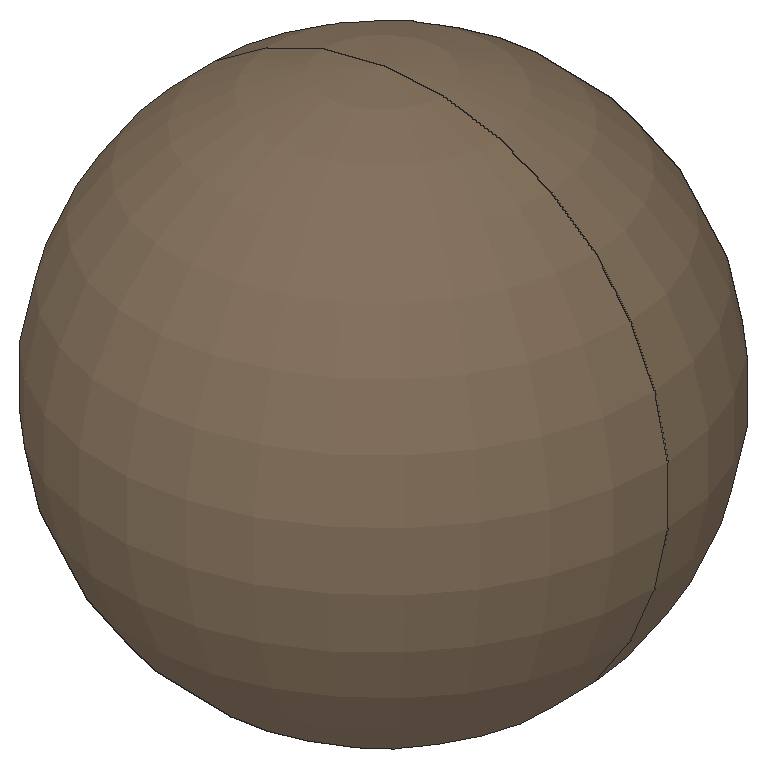
Revit family "sfera_d50", category Антураж, Revit 2017
Family settings
  На основе рабочей плоскости = Нет
  Всегда вертикально = Да
  При загрузке вырезать с полостями = Нет
  Источник визуального образа = Геометрия семейства
  Общий = Нет
  Точка расчета площади = Нет
Parameters (values of type ""D50" Крымский берег")
  Производитель = "ГК Очаковский комбинат ЖБИ"  # constant formula
  Позиция = ""
  Поверхность = ""
  Площадь [instance] = 0.786 m²
  Описание изделия [instance] = "Бетонные ограничители в форме шара смотрятся в городском ландшафте как оригинальные геометрические аксессуары. Ограничители «Сфера отлично дополняются с цветочницами «Атом»."
  Объем бетона = 0.062 m³
  Обозначение = ""
  Наименование = "Сфера \"D50\""
  Морозостойкость [instance] = "F150"
  Материал = Очаковский_Крымский_берег
  Масса [instance] = 156.00 kg
  Класс бетона [instance] = "В30"
  Защитное покрытие [instance] = 0.597
  Диаметр = 500 mm
  Watermarked By = ""
  Высота = 0 mm
  Водонепроницаемость [instance] = "W8"
  URL = "http://file-system.ru/catalog/blagoustroystvo/blagoustroystvo_goroda/polusfery/_d50_sfera/"
Types (7, lengths in mm): name | Материал | URL
  (no name) | Очаковский_Крымский_берег | "http://file-system.ru/catalog/blagoustroystvo/blagoustroystvo_goroda/polusfery/_d50_sfera/"
  "D50" Белый шелк | Очаковский_Белый_Шелк | 0
  "D50" Крымский берег | Очаковский_Крымский_берег | "http://file-system.ru/catalog/blagoustroystvo/blagoustroystvo_goroda/polusfery/_d50_sfera/"
  "D50" Морская соль | Очаковский_Морская_соль | 0
  "D50" Московский гравий | Очаковский_Московский_гравий | 0
  "D50" Черный шелк | Очаковский_Черный_шелк | 0
  "D50" Шахматка | Очаковский_Шахматка | 0
Reference planes
  plane 1 "По центру (Вперед/Назад)": y = 0
  plane 2: z = 0
  plane 3 "По центру (Влево/Вправо)": x = 0
  plane 4: z = 257.157
  plane 5: x = -250
  plane 6: x = 250
  plane 7: y = -250
  plane 8: y = 250
Forms (mm)
  Revolve 1, solid, material "Очаковский_Крымский_берег" <- "Материал"
    sketch origin (0, 0, 0) x (1, 0, 0) y (0, 0, 1)
      loop
        arc (0, 0) -> (250, 250) -> (0, 500) r 250
        line (0, 500) -> (0, 0)
      axis (0, 500) -> (0, 0)
    angle from 0 to 360
Dimensions and locks
  equal spacing: plane 5, plane 3 "По центру (Влево/Вправо)", plane 6
  equal spacing: plane 8, plane 1 "По центру (Вперед/Назад)", plane 7
  "Диаметр": plane 5 to plane 6
  "Диаметр": plane 8 to plane 7
  aligned and locked: level to plane 2
  aligned and locked: plane 3 "По центру (Влево/Вправо)" to nested 1
  aligned and locked: plane 1 "По центру (Вперед/Назад)" to nested 1
Automatic sketch dimensions
  Revolve 1 sketch curve to level = 0 mm
  Revolve 1 sketch curve to plane 3 "По центру (Влево/Вправо)" = 0 mm  (x2)
  Revolve 1 sketch curve to plane 4 = 7.157 mm
  Revolve 1 sketch curve to level = 366.045 mm
  Revolve 1 sketch curve to Revolve 1 sketch curve = 1714.315 mm
Nested families
  nested 1: "МАФ Круглый низкая дет" at (0, 0, 0), Диаметр <- "Диаметр", type "МАФ Круглый низкая дет"
    with Диаметр 500 mm, Высота 500 mm
Definition of nested family "МАФ Круглый низкая дет"
  Parameters (values of type "МАФ Круглый низкая дет")
    Диаметр [instance] = 300 mm
    Высота [instance] = 600 mm
    Watermarked By = ""
    Type Comments = "﻿﻿​        ﻿﻿    ﻿﻿﻿   ﻿﻿﻿ ﻿     ﻿ ﻿   ﻿ ﻿   ﻿ ﻿     ​ ​ ​ ​     ​ ​                          ​  ​    ​           ​ ﻿           ﻿   ​           ​           ﻿        ​﻿﻿"
    Keynote = "﻿﻿​        ﻿﻿    ﻿﻿﻿   ﻿﻿﻿ ﻿     ﻿ ﻿   ﻿ ﻿   ﻿ ﻿     ​ ​ ​ ​     ​ ​                          ​  ​    ​           ​ ﻿           ﻿   ​           ​           ﻿        ​﻿﻿"
    Description = "﻿﻿​        ﻿﻿    ﻿﻿﻿   ﻿﻿﻿ ﻿     ﻿ ﻿   ﻿ ﻿   ﻿ ﻿     ​ ​ ​ ​     ​ ​                          ​  ​    ​           ​ ﻿           ﻿   ​           ​           ﻿        ​﻿﻿"
    Assembly Code = "﻿﻿​        ﻿﻿    ﻿﻿﻿   ﻿﻿﻿ ﻿     ﻿ ﻿   ﻿ ﻿   ﻿ ﻿     ​ ​ ​ ​     ​ ​                          ​  ​    ​           ​ ﻿           ﻿   ​           ​           ﻿        ​﻿﻿"
  Reference planes
    plane 1 "По центру (Вперед/Назад)": y = 0
    plane 2: z = 0
    plane 3 "По центру (Влево/Вправо)": x = 0
    plane 4: x = -150
    plane 5: x = 150
    plane 6: y = -150
    plane 7: y = 150
    plane 8: z = 600
  Forms (mm)
    Extrusion 1, solid, detail levels coarse
      sketch origin (0, 0, 0) x (1, 0, 0) y (0, 1, 0)
        loop
          line (-150, 150) -> (-150, -150) -> (150, -150) -> (150, 150) -> (-150, 150)
      from 0 to 600
  Dimensions and locks
    equal spacing: plane 6, plane 1 "По центру (Вперед/Назад)", plane 7
    "Диаметр": plane 6 to plane 7
    equal spacing: plane 4, plane 3 "По центру (Влево/Вправо)", plane 5
    "Диаметр": plane 4 to plane 5
    "Высота": plane 8 to level
    aligned and locked: level to plane 2
    aligned and locked: Extrusion 1 sketch curve to plane 5
    aligned and locked: Extrusion 1 sketch curve to plane 7
    aligned and locked: Extrusion 1 sketch curve to plane 6
    aligned and locked: Extrusion 1 sketch curve to plane 4
    aligned and locked: plane 8 to Extrusion 1
  Automatic sketch dimensions
    Extrusion 1 sketch curve to plane 5 = 0 mm
